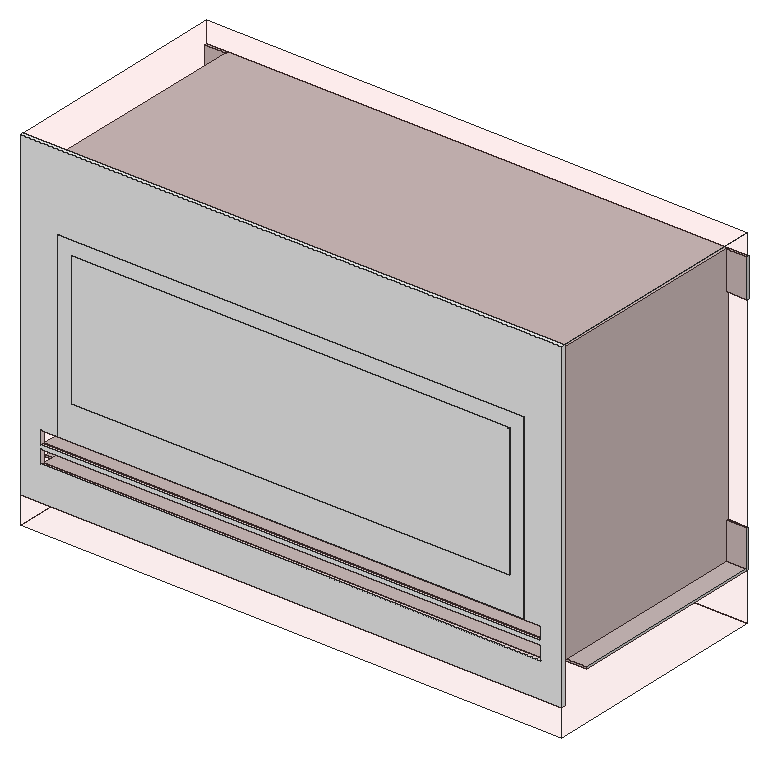
Revit family "Air-Curtain_Vestibule-Except_PoweredAire_CHA", category Mechanical Equipment, host Face, Revit 2019
Family settings
  Host = Face
  Round Connector Dimension = Use Diameter
  Part Type = Normal
  OmniClass Number = 23.75.35.17.21
  OmniClass Title = Air Curtains
  Cut with Voids When Loaded = No
  Shared = No
  Room Calculation Point = No
Parameters
  Warranty Duration (Years) = 0
  Unit Width Notes = "Other Widths available."  # constant formula
  Unit Width = 3' - 3"
  Unit Weight = 0
  Unit Height = 1' - 4 3/4"
  Unit Depth = 1' - 11 1/4"
  URL = "http://www.poweredaire.com/"
  Test Data = ""
  Standards Conformance = "as Specified"
  Specification = "http://www.arcat.com/sdspecs/htm04/23_34_33pai.htm"
  SpecWizard = ""
  Sound Pressure = "as Specified"
  Sales Information = "http://www.poweredaire.com/contact_us"
  Revision = "R1_2016-08"
  Projection from Host [instance] = 0' - 2"
  Product Properties = ""
  Product Data = "http://www.arcat.com/arcatcos/cos47/arc47623.html"
  Power Rating = 0 W
  Nozzle Width = if(1 = 1, Unit Width - 0' 3", 0' 0")  # 3' - 0"
  Mounting Width = if(1 = 1, Unit Width - 0' 1 1/2", 0' 0")  # 3' - 1 1/2"
  Mounting Height [instance] = 3' - 6"
  Motor RPM = 0
  Motor HP = 0
  Motor Count = 0
  Model = "As Specified"
  Max Height = 0' - 0"
  Manufacturer Website = "http://www.poweredaire.com/"
  Manufacturer Phone - Toll Free = "888-321-2473"
  Manufacturer Phone = "724-588-3305"
  Manufacturer Fax = "724-588-3371"
  Manufacturer Address = "109 Mortensen Rd.  Greenville, PA 16125"
  Manufacturer = "Powered Aire, Inc"
  Maintenance Schedule (Months) = 0
  Keynote = "23 34 33"
  Installation-Fabrication = ""
  Installation Phase = ""
  Include Clearance [instance] = yes
  Heating Element Load = 0 W
  HVAC_Temperature Rise = 0 °F
  HVAC_Outlet Volume = 0 CFM
  HVAC_Outlet Velocity Uniformity = 0
  HVAC_Outlet Velocity = 0 FPM
  Green Building-LEED = "http://www.arcat.com/green/clients/leed_data_47623.html"
  Front Grating Material [instance] = Metal - Steel - PoweredAire - White Perforated
  Frame Finish [instance] = Metal - Steel - PoweredAire - Stainless 304
  Expected Lifespan (Years) = 0
  Electrical_Wattage [instance] = Power Rating + Heating Element Load  # 0 W
  Electrical_Voltage [instance] = 0 V
  Electrical_Phase [instance] = 1
  Electrical_Frequency [instance] = 0 Hz
  Electrical_Amperage [instance] = 0 A
  Drawn By = "Sumex Design, Inc. / Robert S. Weygant, CSI, CDT, SCIP"
  Description = "Powered Aire Air Curtain as Specified"
  Default Elevation = 0' - 0"  # constant formula
  Cover Finish [instance] = Metal - Steel - PoweredAire - White
  Copyright = "©Arcat Inc."
  Construction Details = "http://www.arcat.com/details/powair/prod3336.html"
  Clearance_Top [instance] = 0' - 0"
  Clearance_Side B [instance] = 0' - 0"
  Clearance_Side A [instance] = 0' - 0"
  Clearance_Intake [instance] = 0' - 0"
  Clearance_Front [instance] = 0' - 0"
  Clearance Material [instance] = ARCAT Clearance
  Building Codes = ""
  Available Options [instance] = "as Specified"
  Assembly Code = "D3090400"
Reference planes (in)
  plane 1 "Center (Elevation)": y = 8.51318
  plane 2: z = 0
  plane 3 "Center (Left/Right)": x = 0
  plane 4: y = 16.88818
  plane 5: y = 0.13818
  plane 6: x = -19.5
  plane 7: x = 19.5
  plane 8: z = 25.25
  plane 9 "FF": y = -41.86182
  plane 10: z = 2
  plane 11: x = 18
  plane 12: x = -18
  plane 13: y = 16.88818
  plane 14: y = 0.13818
  plane 15: x = -19.5
  plane 16: x = 19.5
  plane 17: z = 25.25
  plane 18: y = 0.38818
Forms (in)
  Extrusion 1, solid, material "ARCAT Clearance" <- "Clearance Material", visible <- "Include Clearance"
    sketch origin (0, 0, 0) x (0, 1, 0) y (0, 0, 1)
      loop
        line (0.13818, 25.25) -> (0.13818, 0) -> (16.88818, 0) -> (16.88818, 25.25) -> (0.13818, 25.25)
    from -19.5 to 19.5
  Extrusion 2, solid, material "Metal - Steel - PoweredAire - White" <- "Cover Finish"
    sketch origin (0, 8.51318, 0) x (1, 0, 0) y (0, 0, 1)
      loop
        line (-19.5, 25.25) -> (-19.5, 2) -> (19.5, 2) -> (19.5, 25.25) -> (-19.5, 25.25)
    from 8.125 to 8.375
  Extrusion 3, solid, material "Metal - Steel - PoweredAire - Stainless 304" <- "Frame Finish"
    sketch origin (0, 8.51318, 0) x (1, 0, 0) y (0, 0, 1)
      loop
        line (18, 23.75) -> (-18, 23.75) -> (-18, 3.5) -> (18, 3.5) -> (18, 23.75)
    from -8.375 to 8.125
  Extrusion 4, void
    sketch origin (0, 0, 0) x (0, 1, 0) y (0, 0, 1)
      loop
        line (0.13818, 5.5) -> (0.13818, 4.5) -> (1.88818, 4.5) -> (1.88818, 6.75) -> (0.13818, 6.75) -> (0.13818, 5.75) -> (1.63818, 5.75) -> (1.63818, 5.5) -> (0.13818, 5.5)
    from -18 to 18
  Extrusion 5, solid, material "Metal - Steel - PoweredAire - White" <- "Cover Finish"
    sketch origin (-11.83813, 0.13818, 48) x (-1, 0, 0) y (0, 0, 1)
      loop
        line (4.91187, -41.25) -> (4.91187, -28.25) -> (-28.58813, -28.25) -> (-28.58813, -41.25) -> (4.91187, -41.25)
    from 0 to -0.03125
  Extrusion 6, solid, material "Metal - Steel - PoweredAire - White Perforated" <- "Front Grating Material"
    sketch origin (-11.83813, 0.10693, 48) x (1, 0, 0) y (0, 0, 1)
      loop
        line (-3.91187, -29.25) -> (-3.91187, -38.75) -> (27.58813, -38.75) -> (27.58813, -29.25) -> (-3.91187, -29.25)
    from 0 to 0.03125
  Extrusion 7, solid, material "Metal - Steel - PoweredAire - Stainless 304" <- "Frame Finish"
    sketch origin (-15.17702, -180, 2) x (-1, 0, 0) y (0, -1, 0)
      loop
        line (-33.17702, -196.88818) -> (-33.17702, -182.38818) -> (-34.67702, -182.38818) -> (-34.67702, -196.88818) -> (-33.17702, -196.88818)
      loop
        line (2.82298, -196.88818) -> (4.32298, -196.88818) -> (4.32298, -182.38818) -> (2.82298, -182.38818) -> (2.82298, -196.88818)
    from 1.5 to 1.625
  Extrusion 8, solid, material "Metal - Steel - PoweredAire - Stainless 304" <- "Frame Finish"
    sketch origin (-11.83813, 16.88818, 48) x (-1, 0, 0) y (0, 0, 1)
      loop
        line (7.66187, -44.5) -> (7.66187, -41.75) -> (6.16187, -41.75) -> (6.16187, -44.5) -> (7.66187, -44.5)
      loop
        line (-31.33813, -44.5) -> (-29.83813, -44.5) -> (-29.83813, -41.75) -> (-31.33813, -41.75) -> (-31.33813, -44.5)
      loop
        line (7.66187, -27) -> (7.66187, -24.25) -> (6.16187, -24.25) -> (6.16187, -27) -> (7.66187, -27)
      loop
        line (-31.33813, -27) -> (-29.83813, -27) -> (-29.83813, -24.25) -> (-31.33813, -24.25) -> (-31.33813, -27)
    from 0 to -0.125
Cuts and joins
  Extrusion 4 cuts Extrusion 2
  Extrusion 4 cuts Extrusion 3
Dimensions and locks (in)
  equal spacing: plane 4, plane 1 "Center (Elevation)", plane 5
  "Unit Height": plane 4 to plane 5
  equal spacing: plane 6, plane 3 "Center (Left/Right)", plane 7
  "Unit Width": plane 6 to plane 7
  "Mounting Height": plane 5 to plane 9 "FF"
  "Projection from Host": plane 10 to level
  "Unit Depth": plane 8 to plane 10
  locked: plane 6 to plane 12 at 1.5
  locked: plane 11 to plane 7 at 1.5
  "Clearance_Side A": plane 7 to plane 16
  "Clearance_Side B": plane 15 to plane 6
  "Clearance_Top": plane 13 to plane 4
  "Clearance_Intake": plane 5 to plane 14
  "Clearance_Front": plane 17 to plane 8
  locked: plane 8 to Extrusion 3 sketch curve at 1.5
  locked: Extrusion 3 sketch curve to plane 10 at 1.5
  locked: plane 7 to Extrusion 3 sketch curve at 1.5
  locked: Extrusion 3 sketch curve to plane 6 at 1.5
  locked: plane 18 to plane 5 at 0.25
  Extrusion 4 sketch curve to Extrusion 4 sketch curve to Extrusion 4 sketch curve to Extrusion 4 sketch curve to plane 10 = 0' - 1" locked, 0' - 0 1/4" locked, 0' - 1" locked, 0' - 2 1/2" locked
  Extrusion 5 sketch curve to Extrusion 5 sketch curve to plane 10 = 1' - 1" locked, 0' - 4 3/4" locked
  locked: plane 11 to Extrusion 5 sketch curve at 1.25
  locked: Extrusion 5 sketch curve to plane 12 at 1.25
  Extrusion 6 sketch curve to Extrusion 6 sketch curve to plane 10 = 0' - 9 1/2" locked, 0' - 7 1/4" locked
  locked: Extrusion 6 sketch curve to plane 12 at 2.25
  locked: plane 11 to Extrusion 6 sketch curve at 2.25
  locked: plane 4 to Extrusion 7 sketch curve at 14.5  (x2)
  Extrusion 8 sketch curve to Extrusion 8 sketch curve to Extrusion 8 sketch curve to Extrusion 8 sketch curve to plane 10 = 0' - 2 3/4" locked, 1' - 2 3/4" locked, 0' - 2 3/4" locked, 0' - 1 1/2" locked  (x2)
  aligned and locked: plane 2 to host face
  aligned and locked: level to host face
  aligned and locked: Extrusion 1 sketch curve to plane 17
  aligned and locked: plane 14 to Extrusion 1 sketch curve
  aligned and locked: level to Extrusion 1 sketch curve
  aligned and locked: Extrusion 1 sketch curve to plane 13
  aligned and locked: plane 16 to Extrusion 1
  aligned and locked: Extrusion 1 to plane 15
  aligned and locked: Extrusion 2 sketch curve to plane 8
  aligned and locked: plane 6 to Extrusion 2 sketch curve
  aligned and locked: Extrusion 2 sketch curve to plane 10
  aligned and locked: Extrusion 2 sketch curve to plane 7
  aligned and locked: Extrusion 3 to plane 4
  aligned and locked: Extrusion 3 to plane 18
  aligned and locked: Extrusion 2 to plane 18
  aligned and locked: Extrusion 2 to plane 5
  aligned and locked: plane 11 to Extrusion 4
  aligned and locked: Extrusion 4 to plane 12
  aligned and locked: Extrusion 7 sketch curve to plane 4  (x2)
Automatic sketch dimensions
  host sketch curve to host sketch curve = 8' - 0"  (x2)
  Extrusion 4 sketch curve to plane 5 = 0' - 0"  (x2)
  plane 18 to Extrusion 4 sketch curve = 0' - 1 1/4"
  Extrusion 4 sketch curve to Extrusion 4 sketch curve = 0' - 0 1/4"
  Extrusion 7 sketch curve to plane 7 = 0' - 0"
  Extrusion 7 sketch curve to plane 11 = 0' - 0"
  Extrusion 7 sketch curve to plane 12 = 0' - 0"
  Extrusion 7 sketch curve to plane 6 = 0' - 0"
  Extrusion 8 sketch curve to plane 7 = 0' - 0"  (x2)
  Extrusion 8 sketch curve to plane 11 = 0' - 0"  (x2)
  Extrusion 8 sketch curve to plane 12 = 0' - 0"  (x2)
  Extrusion 8 sketch curve to plane 6 = 0' - 0"  (x2)
Connectors (in)
  electrical at (-18, 4.88818, 9.625), driven by "Electrical_Voltage", driven by "Electrical_Phase"
    settings: on cut or joined group of Extrusion 3, Extrusion 4, index 1, voltage 0 V, apparent load 0 VA, apparent load phase1 0 VA, apparent load phase2 0 VA, apparent load phase3 0 VA, power factor 1, load classification "Other", number of poles 1, system type 31, power factor state 1, is connector primary yes, connector utility no, sub classification motor no, connector description ""
